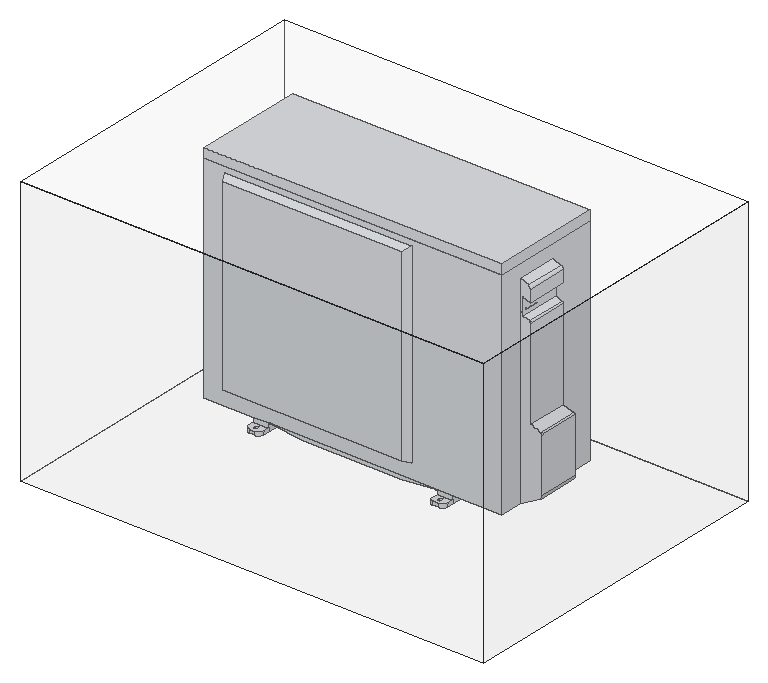
Revit family "puz-zrmp28_63ska15_60hz", category 機械設備, Revit 2019
Family settings
  丸型コネクタ寸法 = 直径を使用
  パーツ タイプ = 標準
  OmniClass 番号 = 23.75.10.24.21.27.27
  OmniClass タイトル = Split System Air Conditioning Units
  作業面ベース = いいえ
  常に垂直 = はい
  ロード時にボイドで切り取り = いいえ
  共有 = いいえ
  部屋計算ポイント = いいえ
Parameters (values of type "室外機_PUZ-ZRMP40KA15")
  音響パワーレベル_冷房 (dB) = 64
  音響パワーレベル_暖房 (dB) = 66
  音響パワーレベル(dB) = if([音響パワーレベル_冷房 (dB)] > [音響パワーレベル_暖房 (dB)], [音響パワーレベル_冷房 (dB)], [音響パワーレベル_暖房 (dB)])  # 66
  電源種別 = ""
  電源位置Y = 61 mm
  電源位置Z = 497.7 mm
  電源位置X = 400 mm
  電圧 = 200 V
  電動機出力_送風機 = 0.04 kW
  電動機出力_圧縮機 = 0.6 kW
  集中コントローラ [instance] = ""
  運転質量 = 0.00 kg
  運転方法 = "冷暖切替"
  質量 = if(製品質量 > 運転質量, 製品質量, 運転質量) * 1.2  # 49.20 kg
  負荷分類 = 1_熱源類
  説明 = "空冷H/P PAC インバータ室外機"
  設計暖房能力 [instance] = 0 kW
  設計冷房能力_顕熱 [instance] = 0 kW
  設計冷房能力 [instance] = 0 kW
  設置方法 = "床置形"
  記号 [instance] = ""
  製造元 = "三菱電機株式会社"
  製品質量 = 41.00 kg
  製品出荷対象 = "国内"
  製品リリース年月 = ""
  製品グループ = ""
  系統 [instance] = ""
  符号 = "PAC"
  積算_科目 = "1 空気調和設備"
  積算_拾い区分 [instance] = ""
  相 = 3
  盤記号 [instance] = ""
  発停方法 = "付属スイッチ"
  特殊仕様 [instance] = ""
  消費電力_暖房 = 0 kW
  消費電力_冷房 = 0 kW
  消費電力 = if(消費電力_冷房 > 消費電力_暖房, 消費電力_冷房, 消費電力_暖房)  # 0 kW
  法定耐用年数 = "6"
  構成品番 = "PUZ-ZRMP40KA15"
  極数 = 3
  材質 [instance] = ""
  本体マテリアル = none
  最小電線太さ_mm2 = 2
  最大電流値 = 0 A
  暖房能力 = 4 kW
  推奨ブレーカー容量 = 15 A
  据付ピッチ1 = 0 mm
  形式 = "パッケージ形 室外機"
  形名 = PUZ-EZRMP-1 : PUZ-EZRMP-1
  幹線記号 [instance] = ""
  始動方式 = "インバータ始動方式"
  呼称 = "パッケージ形空気調和機_室外機"
  周波数 = 60 Hz
  価格 = 0
  ドレン　位置Z = 8.5 mm
  ドレン　位置Y = 48.5 mm
  ドレン　位置X = 404.5 mm
  アンカーボルト位置Y = 330 mm
  アンカーボルト位置X = 500 mm
  参照している仕様書等のバージョン = "公共建築物標準仕様書（機械設備工事編）平成31年度版"
  分類コード = "5.0053E+13"
  分類グループ = ""
  冷房能力 = 3.6 kW
  冷媒管（ガス）位置X = 420 mm
  冷媒管（液）位置X = 420 mm
  冷媒管（液）位置Y = 153.75 mm
  冷媒管（ガス）位置Y = 153.75 mm
  冷媒管長 [instance] = 0 mm
  冷媒管径符号 = "Ac"
  冷媒管径 = 60.00 mm
  冷媒管位置Z = 158.95 mm
  冷媒管位置Y = (冷媒管（液）位置Y + 冷媒管（ガス）位置Y) / 2  # 153.75 mm
  冷媒管位置X = (冷媒管（液）位置X + 冷媒管（ガス）位置X) / 2  # 420 mm
  冷媒液管径 = 6.35 mm
  冷媒ガス管径 = 12.70 mm
  企業コード = "108420"
  付属品 [instance] = ""
  仕様書バージョン = "Version1.0"
  ユニット数 = 1
  ユニット3 = yes
  ユニット2 = yes
  Model = ""
  ドレン管径 = 42.00 mm
  サービススペース = yes
  コメント [instance] = ""
  ケーブル種類1 = ""
  【値が 0 の項目は組合せ形名にてご確認ください】 = ""
  Width = 809 mm
  Version = ""
  Uniclass2015Version = "Systems v1.9"
  Uniclass2015Title = "Split coil remote air cooled condensing units"
  Uniclass2015Code = "Pr_70_65_03_84"
  URL = "https://www.mitsubishielectric.co.jp/ldg/wink/ssl/top.do"
  SpecificationReference = ""
  SpecificationDescription = ""
  Revision = ""
  ProductInformation = ""
  OmniClassCode = "23-33 17 13 11"
  IfcTypeProduct = ""
  IfcProduct = ""
  IfcExportType = "AIRCONDITIONINGUNIT"
  IfcExportAs = "IfcUnitaryEquipmentType"
  Height = 630 mm
  Depth = 300 mm
  Clearance Top = 100 mm
  Clearance Right = 350 mm
  Clearance Left = 100 mm
  Clearance Front = 500 mm
  Clearance Bottom = 0 mm
  Clearance Back = 100 mm
  COP_暖房 = 0
  COP_冷房 = 0
  COP = (COP_冷房 + COP_暖房) / 2  # 0
  Author = "三菱電機株式会社"
  APF = 0
Reference planes
  plane 1 "中心(正面/背面)": y = 74
  plane 2: z = 0
  plane 3 "中心(左/右)": x = 830
  plane 4 "右": x = 1234.5
  plane 5 "左": x = 425.5
  plane 6 "背面": y = 224
  plane 7 "正面": y = -76
  plane 8 "上部": z = 630
  plane 9 "Clearanse Top": z = 730
  plane 10 "SS_back": y = 324
  plane 11 "SS_front": y = -576
  plane 12 "SS_left": x = 325.5
  plane 13 "SS_right": x = 1584.5
  plane 14: z = 0
  plane 15: y = -15
  plane 16: x = 1230
  plane 17: z = 497.7
  plane 18: y = -13
  plane 19: y = 70.25
  plane 20: x = 1250
  plane 21: y = 175.5
  plane 22: x = 830
  plane 23: z = 10.5
  plane 24: z = 8.5
  plane 25: x = 580
  plane 26: x = 1080
  plane 27: y = 239
  plane 28: y = -91
Forms (mm)
  Extrusion 1, solid, detail levels fine
    sketch origin (0, -76, 0) x (1, 0, 0) y (0, 0, 1)
      loop
        circle (1230, 497.7) r 13.5
    from -63 to -61
  Extrusion 2, solid, detail levels fine
    sketch origin (-1437.329, -1524, 54) x (-1, 0, 0) y (0, -1, 0)
      loop
        circle (-2267.329, -1699.5) r 21
    from -45.5 to -43.5
  Sweep 3, solid, material <- "本体マテリアル", detail levels fine
    path origin (1250, 1296.25, 1200) x (0, 1, 0) y (0, 0, 1)
      loop
        line (-1226, -1041.05) -> (-1272.623, -1084.565)
    profile origin (1250, 46.939, 137.193) x (0, 0.682318, -0.731055) y (1, 0, 0)
      loop
        circle (0, 0) r 30
Lines and regions (mm)
  model lines, not visible
    curve 1: line (460, 178.667, 1289.179) -> (460, 297.73, 1289.179)
    curve 2: line (460, 178.667, 1056.056) -> (460, 178.667, 1289.179)
    curve 3: line (460, 297.73, 1056.056) -> (460, 178.667, 1056.056)
    curve 4: line (460, 297.73, 1289.179) -> (460, 297.73, 1056.056)
    curve 5: line (460, 47.598, 1289.179) -> (460, 166.661, 1289.179)
    curve 6: line (460, 47.598, 1056.056) -> (460, 47.598, 1289.179)
    curve 7: line (460, 166.661, 1056.056) -> (460, 47.598, 1056.056)
    curve 8: line (460, 166.661, 1289.179) -> (460, 166.661, 1056.056)
    curve 9: line (460, -83.471, 1289.179) -> (460, 35.592, 1289.179)
    curve 10: line (460, -83.471, 1056.056) -> (460, -83.471, 1289.179)
    curve 11: line (460, 35.592, 1056.056) -> (460, -83.471, 1056.056)
    curve 12: line (460, 35.592, 1289.179) -> (460, 35.592, 1056.056)
    curve 13: line (460, -150.779, 1289.179) -> (460, -95.75, 1289.179)
    curve 14: line (460, -150.779, 1056.056) -> (460, -150.779, 1289.179)
    curve 15: line (460, -95.75, 1056.056) -> (460, -150.779, 1056.056)
    curve 16: line (460, -95.75, 1289.179) -> (460, -95.75, 1056.056)
    curve 17: line (460, -150.779, 1283.175) -> (460, -132.596, 1283.175)
    curve 18: line (460, -150.779, 1062.059) -> (460, -150.779, 1283.175)
    curve 19: line (460, -132.596, 1062.059) -> (460, -150.779, 1062.059)
    curve 20: line (460, -132.596, 1283.175) -> (460, -132.596, 1062.059)
    curve 21: line (460, 178.667, 1046.051) -> (460, 297.73, 1046.051)
    curve 22: line (460, 178.667, 812.928) -> (460, 178.667, 1046.051)
    curve 23: line (460, 297.73, 812.928) -> (460, 178.667, 812.928)
    curve 24: line (460, 297.73, 1046.051) -> (460, 297.73, 812.928)
    curve 25: line (460, 47.598, 1046.051) -> (460, 166.661, 1046.051)
    curve 26: line (460, 47.598, 812.928) -> (460, 47.598, 1046.051)
    curve 27: line (460, 166.661, 812.928) -> (460, 47.598, 812.928)
    curve 28: line (460, 166.661, 1046.051) -> (460, 166.661, 812.928)
    curve 29: line (460, -83.471, 1046.051) -> (460, 35.592, 1046.051)
    curve 30: line (460, -83.471, 812.928) -> (460, -83.471, 1046.051)
    curve 31: line (460, 35.592, 812.928) -> (460, -83.471, 812.928)
    curve 32: line (460, 35.592, 1046.051) -> (460, 35.592, 812.928)
    curve 33: line (460, -150.779, 1046.051) -> (460, -95.75, 1046.051)
    curve 34: line (460, -150.779, 812.928) -> (460, -150.779, 1046.051)
    curve 35: line (460, -95.75, 812.928) -> (460, -150.779, 812.928)
    curve 36: line (460, -95.75, 1046.051) -> (460, -95.75, 812.928)
    curve 37: line (460, -150.779, 1040.048) -> (460, -132.596, 1040.048)
    curve 38: line (460, -150.779, 818.931) -> (460, -150.779, 1040.048)
    curve 39: line (460, -132.596, 818.931) -> (460, -150.779, 818.931)
    curve 40: line (460, -132.596, 1040.048) -> (460, -132.596, 818.931)
    curve 41: line (460, 178.667, 802.923) -> (460, 297.73, 802.923)
    curve 42: line (460, 178.667, 569.8) -> (460, 178.667, 802.923)
    curve 43: line (460, 297.73, 569.8) -> (460, 178.667, 569.8)
    curve 44: line (460, 297.73, 802.923) -> (460, 297.73, 569.8)
    curve 45: line (460, 47.598, 802.923) -> (460, 166.661, 802.923)
    curve 46: line (460, 47.598, 569.8) -> (460, 47.598, 802.923)
    curve 47: line (460, 166.661, 569.8) -> (460, 47.598, 569.8)
    curve 48: line (460, 166.661, 802.923) -> (460, 166.661, 569.8)
    curve 49: line (460, -83.471, 802.923) -> (460, 35.592, 802.923)
    curve 50: line (460, -83.471, 569.8) -> (460, -83.471, 802.923)
    curve 51: line (460, 35.592, 569.8) -> (460, -83.471, 569.8)
    curve 52: line (460, 35.592, 802.923) -> (460, 35.592, 569.8)
    curve 53: line (460, -150.779, 802.923) -> (460, -95.75, 802.923)
    curve 54: line (460, -150.779, 569.8) -> (460, -150.779, 802.923)
    curve 55: line (460, -95.75, 569.8) -> (460, -150.779, 569.8)
    curve 56: line (460, -95.75, 802.923) -> (460, -95.75, 569.8)
    curve 57: line (460, -150.779, 796.92) -> (460, -132.596, 796.92)
    curve 58: line (460, -150.779, 575.803) -> (460, -150.779, 796.92)
    curve 59: line (460, -132.596, 575.803) -> (460, -150.779, 575.803)
    curve 60: line (460, -132.596, 796.92) -> (460, -132.596, 575.803)
    curve 61: line (460, 178.667, 559.795) -> (460, 297.73, 559.795)
    curve 62: line (460, 178.667, 326.672) -> (460, 178.667, 559.795)
    curve 63: line (460, 297.73, 326.672) -> (460, 178.667, 326.672)
    curve 64: line (460, 297.73, 559.795) -> (460, 297.73, 326.672)
    curve 65: line (460, 47.598, 559.795) -> (460, 166.661, 559.795)
    curve 66: line (460, 47.598, 326.672) -> (460, 47.598, 559.795)
    curve 67: line (460, 166.661, 326.672) -> (460, 47.598, 326.672)
    curve 68: line (460, 166.661, 559.795) -> (460, 166.661, 326.672)
    curve 69: line (460, -83.471, 559.795) -> (460, 35.592, 559.795)
    curve 70: line (460, -83.471, 326.672) -> (460, -83.471, 559.795)
    curve 71: line (460, 35.592, 326.672) -> (460, -83.471, 326.672)
    curve 72: line (460, 35.592, 559.795) -> (460, 35.592, 326.672)
    curve 73: line (460, -150.779, 559.795) -> (460, -95.75, 559.795)
    curve 74: line (460, -150.779, 326.672) -> (460, -150.779, 559.795)
    curve 75: line (460, -95.75, 326.672) -> (460, -150.779, 326.672)
    curve 76: line (460, -95.75, 559.795) -> (460, -95.75, 326.672)
    curve 77: line (460, -150.779, 553.792) -> (460, -132.596, 553.792)
    curve 78: line (460, -150.779, 332.675) -> (460, -150.779, 553.792)
    curve 79: line (460, -132.596, 332.675) -> (460, -150.779, 332.675)
    curve 80: line (460, -132.596, 553.792) -> (460, -132.596, 332.675)
    curve 81: line (460, 178.667, 316.667) -> (460, 297.73, 316.667)
    curve 82: line (460, 178.667, 83.544) -> (460, 178.667, 316.667)
    curve 83: line (460, 297.73, 83.544) -> (460, 178.667, 83.544)
    curve 84: line (460, 297.73, 316.667) -> (460, 297.73, 83.544)
    curve 85: line (460, 47.598, 316.667) -> (460, 166.661, 316.667)
    curve 86: line (460, 47.598, 83.544) -> (460, 47.598, 316.667)
    curve 87: line (460, 166.661, 83.544) -> (460, 47.598, 83.544)
    curve 88: line (460, 166.661, 316.667) -> (460, 166.661, 83.544)
    curve 89: line (460, -83.471, 316.667) -> (460, 35.592, 316.667)
    curve 90: line (460, -83.471, 83.544) -> (460, -83.471, 316.667)
    curve 91: line (460, 35.592, 83.544) -> (460, -83.471, 83.544)
    curve 92: line (460, 35.592, 316.667) -> (460, 35.592, 83.544)
    curve 93: line (460, -150.779, 316.667) -> (460, -95.75, 316.667)
    curve 94: line (460, -150.779, 83.544) -> (460, -150.779, 316.667)
    curve 95: line (460, -95.75, 83.544) -> (460, -150.779, 83.544)
    curve 96: line (460, -95.75, 316.667) -> (460, -95.75, 83.544)
    curve 97: line (460, -150.779, 310.664) -> (460, -132.596, 310.664)
    curve 98: line (460, -150.779, 89.547) -> (460, -150.779, 310.664)
    curve 99: line (460, -132.596, 89.547) -> (460, -150.779, 89.547)
    curve 100: line (460, -132.596, 310.664) -> (460, -132.596, 89.547)
Dimensions and locks
  equal spacing: plane 7 "正面", plane 1 "中心(正面/背面)", plane 6 "背面"
  "Depth": plane 7 "正面" to plane 6 "背面"
  "Width": plane 5 "左" to plane 4 "右"
  equal spacing: plane 5 "左", plane 3 "中心(左/右)", plane 4 "右"
  "Clearance Left": plane 12 "SS_left" to plane 5 "左"
  "Clearance Right": plane 4 "右" to plane 13 "SS_right"
  "Clearance Back": plane 6 "背面" to plane 10 "SS_back"
  "Clearance Front": plane 11 "SS_front" to plane 7 "正面"
  "Height": plane 8 "上部" to level
  "Clearance Top": plane 9 "Clearanse Top" to plane 8 "上部"
  "Clearance Bottom": level to plane 14
  "電源位置X": plane 3 "中心(左/右)" to plane 16
  "電源位置Y": plane 7 "正面" to plane 15
  "電源位置Z": plane 17 to level
  locked: plane 15 to plane 18 at 2
  "冷媒管位置X": plane 3 "中心(左/右)" to plane 20
  "冷媒管位置Y": plane 19 to plane 6 "背面"
  "ドレン　位置X": plane 5 "左" to plane 22
  "ドレン　位置Y": plane 21 to plane 6 "背面"
  locked: plane 23 to plane 24 at 2
  "ドレン　位置Z": plane 24 to level
  equal spacing: plane 28, plane 1 "中心(正面/背面)", plane 27
  "アンカーボルト位置Y": plane 28 to plane 27
  equal spacing: plane 25, plane 3 "中心(左/右)", plane 26
  "アンカーボルト位置X": plane 25 to plane 26
  radius of Extrusion 1 sketch curve = 13.5 mm
  "ドレン管径": diameter of Extrusion 2 sketch curve
  "冷媒管径": diameter of Sweep 3 sketch curve
  aligned and locked: level to plane 2
  aligned and locked: plane 10 "SS_back" to nested 1  (x2)
  aligned and locked: plane 13 "SS_right" to nested 1
  aligned and locked: plane 12 "SS_left" to nested 1  (x2)
  aligned and locked: nested 1 to plane 13 "SS_right"
  aligned and locked: plane 11 "SS_front" to nested 1
  aligned and locked: plane 9 "Clearanse Top" to nested 1
  aligned and locked: plane 1 "中心(正面/背面)" to nested 2
  aligned and locked: plane 3 "中心(左/右)" to nested 2
  aligned and locked: plane 14 to nested 1
  aligned and locked: plane 17 to Extrusion 1 sketch curve
  aligned and locked: plane 16 to Extrusion 1 sketch curve
  aligned and locked: Extrusion 1 to plane 18
  aligned and locked: plane 15 to Extrusion 1
  aligned and locked: plane 22 to Extrusion 2 sketch curve
  aligned and locked: plane 21 to Extrusion 2 sketch curve
  aligned and locked: plane 23 to Extrusion 2
  aligned and locked: Extrusion 2 to plane 24
  aligned and locked: plane 25 to nested 3
  aligned and locked: plane 27 to nested 3
Automatic sketch dimensions
  Sweep 3 sketch curve to plane 18 = 36.627 mm
  plane 1 "中心(正面/背面)" to Sweep 3 sketch curve = 3.75 mm
  plane 23 to Sweep 3 sketch curve = 104.935 mm
  Sweep 3 sketch curve to Sweep 3 sketch curve = 43.515 mm
  Sweep 3 sketch curve to plane 20 = 0 mm
  Sweep 3 sketch curve to profile plane = 0 mm
Nested families
  nested 1: "サービススペース" at (955, -126, 365), visible <- "サービススペース", type "サービススペース"
    with Width 1259 mm, Height 730 mm, Depth 900 mm
  nested 2: "PUZ-EZRMP-1" at (830, 74, 0), type <- "形名", type "PUZ-EZRMP-1", detail levels fine
  nested 3: "固定点" at (580, -91, 0), type "固定点"
    with 中心円 10 mm, W 500 mm, D 330 mm
Connectors
  electrical at (1230, -15, 497.7), driven by "極数", driven by "負荷分類", driven by "電圧", driven by "消費電力"
    settings: on Extrusion 1, index 2, voltage 200 V, apparent load 0 VA, apparent load phase1 0 VA, apparent load phase2 0 VA, apparent load phase3 0 VA, power factor 1, load classification "1_熱源類", number of poles 3, system type 30, power factor state 1, is connector primary yes, connector utility no, sub classification motor no, connector description ""
  piping at (1250, 70.25, 158.95), diameter 60, driven by "冷媒管径", driven by "冷媒管径符号"
    settings: on Sweep 3, index 3, connector inside diameter 609.60 mm, connector length 0 mm, flow factor 0, pipe flow 0.0 L/s, pressure drop 0.0 Pa, fitting loss kfactor 0, connector angle 0.00°, fixture units 0, engagement length 0 mm, angle of deflection 0.00°, flow configuration 1, flow direction 2, fitting loss method 4, system type 7, joint type 0, gender type 0, connector reference index -1, connector utility 0, adjustable connector no, is connector primary yes, connector description "Ac"
Definition of nested family "サービススペース"
  Parameters (values of type "サービススペース")
    Width [instance] = 500 mm
    Height [instance] = 500 mm
    Depth [instance] = 500 mm
  Reference planes
    plane 1 "中心(正面/背面)": y = 0
    plane 2: z = 0
    plane 3 "中心(左/右)": x = 0
    plane 4: y = -250
    plane 5: x = 250
    plane 6: y = 250
    plane 7: x = -250
    plane 8: z = 250
    plane 9: z = -250
  Forms (mm)
    Extrusion 1, solid
      sketch origin (-638.939, 0, 72.39) x (1, 0, 0) y (0, 1, 0)
        loop
          line (388.939, 250) -> (388.939, -250) -> (888.939, -250) -> (888.939, 250) -> (388.939, 250)
      from -322.39 to 177.61
  Lines and regions (mm)
    symbolic lines
      curve 1: line (-250, 0, 250) -> (250, 0, 250)
      curve 2: line (-250, 0, -250) -> (-250, 0, 250)
      curve 3: line (250, 0, -250) -> (-250, 0, -250)
      curve 4: line (250, 0, 250) -> (250, 0, -250)
      curve 5: line (0, -250, 250) -> (0, 250, 250)
      curve 6: line (0, -250, -250) -> (0, -250, 250)
      curve 7: line (0, 250, -250) -> (0, -250, -250)
      curve 8: line (0, 250, 250) -> (0, 250, -250)
      curve 9: line (-250, 250, 0) -> (250, 250, 0)
      curve 10: line (-250, -250, 0) -> (-250, 250, 0)
      curve 11: line (250, -250, 0) -> (-250, -250, 0)
      curve 12: line (250, 250, 0) -> (250, -250, 0)
  Dimensions and locks
    equal spacing: plane 7, plane 3 "中心(左/右)", plane 5
    equal spacing: plane 4, plane 1 "中心(正面/背面)", plane 6
    "Depth": plane 4 to plane 6
    "Width": plane 7 to plane 5
    equal spacing: plane 8, plane 2, plane 9
    "Height": plane 8 to plane 9
    aligned and locked: plane 9 to curve 3
    aligned and locked: plane 7 to curve 2
    aligned and locked: curve 4 to plane 5
    aligned and locked: plane 5 to Extrusion 1
    aligned and locked: Extrusion 1 to plane 7
    aligned and locked: Extrusion 1 to plane 9
    aligned and locked: plane 8 to Extrusion 1
    aligned and locked: plane 9 to curve 7
  Automatic sketch dimensions
    plane 4 to Extrusion 1 sketch curve = 0 mm
    Extrusion 1 sketch curve to plane 7 = 0 mm
    Extrusion 1 sketch curve to plane 5 = 0 mm
    plane 6 to Extrusion 1 sketch curve = 0 mm
    curve 2 to plane 8 = 0 mm
    plane 4 to curve 11 = 0 mm
    curve 11 to plane 7 = 0 mm
    curve 11 to plane 5 = 0 mm
    plane 6 to curve 10 = 0 mm
    curve 7 to plane 4 = 0 mm
    curve 7 to plane 6 = 0 mm
    curve 6 to plane 8 = 0 mm
Definition of nested family "PUZ-EZRMP-1"
  Parameters (values of type "PUZ-ZRMP-1")
    配線取出口サイズ = 27 mm
    配線取出口-Z = 497.7 mm
    配線取出口-Y = 239 mm
    配線取出口-X = 400 mm
    液配管サイズ = 50 mm
    高さ = 630 mm
    換気-W = 310 mm
    換気-H2 = 632 mm
    換気-H1 = 325 mm
    換気-D = 20 mm
    奥行き = 300 mm
    吊りボルト_H = 0 mm
    吊りボルト-φ = 10 mm
    冷媒配管サイズ = 6.35 mm
    冷媒液管径-Z = 164.5 mm
    冷媒液管径-Y = 185.5 mm
    冷媒液管径-X = 420 mm
    冷媒ガス管径-Z = 99.5 mm
    冷媒ガス管径-Y = 185.5 mm
    冷媒ガス管径-X = 420 mm
    吊りボルト-W = 500 mm
    マテリアル = none
    ドレン配管サイズ = 42 mm
    ドレン管径-Z = 0 mm
    ドレン管径-Y = 251.5 mm
    ドレン管径-X = 404.5 mm
    タイプ3 = no
    タイプ2 = no
    タイプ1 = yes
    ガス配管サイズ = 12.7 mm
    吊りボルト-D = 330 mm
    幅さ = 809 mm
    a = 600 mm
  Reference planes
    plane 1 "中心(正面/背面)": y = 0
    plane 2: z = 0
    plane 3 "中心(左/右)": x = 0
    plane 4: z = 630
    plane 5: x = -404.5
    plane 6: x = 404.5
    plane 7: y = 150
    plane 8: y = -150
    plane 9: x = 466.5
    plane 10: y = -90
    plane 11: y = 20
    plane 12: z = 605
    plane 13: x = -424.5
    plane 14: x = -250
    plane 15: x = 250
    plane 16: y = 165
    plane 17: y = -165
    plane 18: x = 270
    plane 19: x = 230
    plane 20: x = -230
    plane 21: x = -270
    plane 22: y = 180
    plane 23: y = -180
    plane 24: z = 8.5
    plane 25: z = 20
    plane 26: z = 11.5
    plane 27: x = -135
    plane 28: x = 135
    plane 29: z = 625
    plane 30: y = -40
    plane 31: y = 40
    plane 32: y = -30
    plane 33: y = 30
    plane 34: z = 610
    plane 35: z = 55
    plane 36: z = 225
    plane 37: z = 570
    plane 38: x = 414.5
    plane 39: x = 435.5
    plane 40: y = -170
    plane 41: x = -94.5
    plane 42: z = 325
    plane 43: x = 159.5
    plane 44: x = -348.5
    plane 45: z = 589
    plane 46: z = 61
    plane 47: x = -338.5
    plane 48: x = 149.5
    plane 49: z = 579
    plane 50: z = 71
    plane 51: y = 100
    plane 52: y = -100
    plane 53: x = 0
    plane 54: y = 101.5
    plane 55: x = 420
    plane 56: x = 400
    plane 57: y = -89
    plane 58: y = -35.5
    plane 59: y = -35.5
    plane 60: x = 420
    plane 61: z = 99.5
    plane 62: z = 164.5
    plane 63: z = 497.7
    plane 64: y = -39
    plane 65: z = 137.3
    plane 66: z = 180.6
    plane 67: x = 420
    plane 68: y = -35.5
    plane 69 "グループ": x = -600
    plane 70: z = 1338
    plane 71: z = 943
    plane 72: z = 957
    plane 73: z = 1221
    plane 74: z = 693
    plane 75: z = 1211
    plane 76: z = 703
    plane 77: y = -12.5
    plane 78: y = 5
    plane 79: y = -3.75
  Forms (mm)
    Extrusion 1, solid, visible <- "タイプ1", detail levels fine
      sketch origin (-1437.329, -1524, 630) x (-1, 0, 0) y (0, -1, 0)
        loop
          line (-1167.329, -1674) -> (-1167.329, -1374) -> (-1207.329, -1374) -> (-1207.329, -1674) -> (-1167.329, -1674)
        loop
          line (-1667.329, -1674) -> (-1667.329, -1374) -> (-1707.329, -1374) -> (-1707.329, -1674) -> (-1667.329, -1674)
      from -630 to -610
    Extrusion 2, solid, material <- "マテリアル", visible <- "タイプ1", detail levels fine
      sketch origin (0, 0, 0) x (1, 0, 0) y (0, 0, 1)
        loop
          line (-230, 20) -> (-135, 11.5) -> (135, 11.5) -> (230, 20) -> (-230, 20)
      from -150 to 150
    Extrusion 3, solid, material <- "マテリアル", visible <- "タイプ1", detail levels fine
      sketch origin (-1437.329, -1524, 630) x (-1, 0, 0) y (0, -1, 0)
        loop
          circle (-1437.329, -1625.5) r 21
      from -621.5 to -618.5
    Extrusion 4, solid, material <- "マテリアル", visible <- "タイプ1", detail levels fine
      sketch origin (-1437.329, -1524, 630) x (-1, 0, 0) y (0, -1, 0)
        loop
          line (-1841.829, -1674) -> (-1032.829, -1674) -> (-1032.829, -1374) -> (-1841.829, -1374) -> (-1841.829, -1674)
      from -610 to -25
    Extrusion 5, solid, material <- "マテリアル", visible <- "タイプ1", detail levels fine
      sketch origin (-1437.329, -1524, 630) x (-1, 0, 0) y (0, -1, 0)
        loop
          line (-1032.829, -1674) -> (-1032.829, -1374) -> (-1841.829, -1374) -> (-1841.829, -1674) -> (-1032.829, -1674)
      from -25 to 0
    Blend 6, solid, material <- "マテリアル", visible <- "タイプ1", detail levels fine
      base sketch origin (0, 0, 0) x (0, 1, 0) y (0, 0, 1)
        loop
          line (40, 625) -> (-40, 625) -> (-40, 605) -> (40, 605) -> (40, 625)
      top sketch origin (0, 0, 0) x (0, 1, 0) y (0, 0, 1)
        loop
          line (30, 610) -> (-30, 610) -> (-30, 605) -> (30, 605) -> (30, 610)
      from -404.5 to -424.5
    Extrusion 7, solid, material <- "マテリアル", visible <- "タイプ1", detail levels fine
      sketch origin (0, 0, 0) x (1, 0, 0) y (0, 0, 1)
        loop
          line (404.5, 570) -> (404.5, 20) -> (461.416, 52.13)
          arc (461.416, 52.13) -> (465.136, 55.796) -> (466.5, 60.838) r 10
          line (466.5, 60.838) -> (466.5, 210.216)
          arc (466.5, 210.216) -> (465.596, 213.084) -> (463.21, 214.914) r 5
          line (463.21, 214.914) -> (435.5, 225) -> (435.5, 470.082)
          arc (435.5, 470.082) -> (434.596, 472.95) -> (432.21, 474.78) r 5
          line (432.21, 474.78) -> (414.5, 481.226) -> (414.5, 529.114) -> (435.5, 521.471) -> (435.5, 551.715)
          arc (435.5, 551.715) -> (433.692, 557.451) -> (428.92, 561.112) r 10
          line (428.92, 561.112) -> (404.5, 570)
      from -20 to 90
    Blend 8, solid, material <- "マテリアル", visible <- "タイプ1", detail levels fine
      base sketch origin (0, 0, 0) x (1, 0, 0) y (0, 0, 1)
        loop
          line (-348.5, 589) -> (-348.5, 61) -> (159.5, 61) -> (159.5, 589) -> (-348.5, 589)
      top sketch origin (0, 0, 0) x (1, 0, 0) y (0, 0, 1)
        loop
          line (-338.5, 579) -> (-338.5, 71) -> (149.5, 71) -> (149.5, 579) -> (-338.5, 579)
      from 150 to 170
    Extrusion 9, solid, material <- "マテリアル", visible <- "タイプ1", detail levels fine
      sketch origin (1480.036, -170, 1200) x (1, 0, 0) y (0, 0, 1)
        loop
          circle (-1080.036, -702.3) r 13.5
      from -131 to -81
    Extrusion 10, solid, visible <- "タイプ1", detail levels fine
      sketch origin (-1437.329, -1524, 630) x (-1, 0, 0) y (0, -1, 0)
        loop
          line (-1167.329, -1704) -> (-1167.329, -1674) -> (-1207.329, -1674) -> (-1207.329, -1704) -> (-1192.329, -1704) -> (-1192.329, -1689)
          arc (-1192.329, -1689) -> (-1187.329, -1684) -> (-1182.329, -1689) r 5
          line (-1182.329, -1689) -> (-1182.329, -1704) -> (-1167.329, -1704)
        loop
          line (-1667.329, -1704) -> (-1667.329, -1674) -> (-1707.329, -1674) -> (-1707.329, -1704) -> (-1692.329, -1704) -> (-1692.329, -1689)
          arc (-1692.329, -1689) -> (-1687.329, -1684) -> (-1682.329, -1689) r 5
          line (-1682.329, -1689) -> (-1682.329, -1704) -> (-1667.329, -1704)
        loop
          line (-1667.329, -1374) -> (-1667.329, -1354)
          arc (-1667.329, -1354) -> (-1670.258, -1346.929) -> (-1677.329, -1344) r 10
          line (-1677.329, -1344) -> (-1694.129, -1344)
          arc (-1694.129, -1344) -> (-1703.463, -1347.866) -> (-1707.329, -1357.2) r 13.2
          line (-1707.329, -1357.2) -> (-1707.329, -1374) -> (-1667.329, -1374)
        loop
          line (-1167.329, -1374) -> (-1167.329, -1357.2)
          arc (-1167.329, -1357.2) -> (-1171.196, -1347.866) -> (-1180.529, -1344) r 13.2
          line (-1180.529, -1344) -> (-1194.129, -1344)
          arc (-1194.129, -1344) -> (-1203.463, -1347.866) -> (-1207.329, -1357.2) r 13.2
          line (-1207.329, -1357.2) -> (-1207.329, -1374) -> (-1167.329, -1374)
        loop
          arc (-1192.329, -1359) -> (-1187.329, -1364) -> (-1182.329, -1359) r 5
          line (-1182.329, -1359) -> (-1182.329, -1357.2)
          arc (-1182.329, -1357.2) -> (-1187.329, -1352.2) -> (-1192.329, -1357.2) r 5
          line (-1192.329, -1357.2) -> (-1192.329, -1359)
        loop
          arc (-1692.329, -1359) -> (-1687.329, -1364) -> (-1682.329, -1359) r 5
          line (-1682.329, -1359) -> (-1682.329, -1357.2)
          arc (-1682.329, -1357.2) -> (-1687.329, -1352.2) -> (-1692.329, -1357.2) r 5
          line (-1692.329, -1357.2) -> (-1692.329, -1359)
      from -621.5 to -630
    Sweep 11, solid, material <- "マテリアル", visible <- "タイプ1", detail levels fine
      path origin (420, 1296.25, 1200) x (0, 1, 0) y (0, 0, 1)
        loop
          line (-1331.75, -1035.5) -> (-1308.75, -1019.4)
      profile origin (420, -24, 172.55) x (0, -0.573462, 0.819232) y (1, 0, 0)
        loop
          circle (0, 0) r 3.175
    Sweep 12, solid, material <- "マテリアル", visible <- "タイプ1", detail levels fine
      path origin (420, 1296.25, 1200) x (0, 1, 0) y (0, 0, 1)
        loop
          line (-1331.75, -1100.5) -> (-1291.25, -1062.7)
      profile origin (420, -15.25, 118.4) x (0, -0.682318, 0.731055) y (1, 0, 0)
        loop
          circle (0, 0) r 6.35
  Lines and regions (mm)
    Masking region 1, visible <- "タイプ1", detail levels coarse+medium
      outline origin (-1437.329, -1524, 630) x (-1, 0, 0) y (0, -1, 0)
        loop
          line (-1841.829, -1674) -> (-1707.329, -1674) -> (-1707.329, -1704) -> (-1667.329, -1704) -> (-1667.329, -1674) -> (-1207.329, -1674) -> (-1207.329, -1704) -> (-1167.329, -1704) -> (-1167.329, -1674) -> (-1032.829, -1674) -> (-1032.829, -1564) -> (-1012.829, -1554) -> (-1012.829, -1494) -> (-1032.829, -1484) -> (-1032.829, -1374) -> (-1088.829, -1374) -> (-1098.829, -1354) -> (-1164.523, -1354)
          arc (-1164.523, -1354) -> (-1169.205, -1346.796) -> (-1177.329, -1344) r 13.2
          line (-1177.329, -1344) -> (-1193.997, -1344)
          arc (-1193.997, -1344) -> (-1202.121, -1346.796) -> (-1206.804, -1354) r 13.2
          line (-1206.804, -1354) -> (-1586.829, -1354) -> (-1596.829, -1374) -> (-1667.329, -1374) -> (-1667.329, -1354)
          arc (-1667.329, -1354) -> (-1670.258, -1346.929) -> (-1677.329, -1344) r 10
          line (-1677.329, -1344) -> (-1694.129, -1344)
          arc (-1694.129, -1344) -> (-1703.463, -1347.866) -> (-1707.329, -1357.2) r 13.2
          line (-1707.329, -1357.2) -> (-1707.329, -1374) -> (-1841.829, -1374) -> (-1841.829, -1434) -> (-1903.829, -1434) -> (-1903.829, -1544) -> (-1841.829, -1544) -> (-1841.829, -1674)
    model lines, visible <- "タイプ1", detail levels fine
      curve 1: line (324.5, 100, 630) -> (-324.5, 100, 630)
      curve 2: line (-324.5, -100, 630) -> (324.5, -100, 630)
      curve 3: line (-324.5, -40, 630) -> (324.5, -40, 630)
      curve 4: line (324.5, 40, 630) -> (-324.5, 40, 630)
      curve 5: line (-324.5, -30, 630) -> (324.5, -30, 630)
      curve 6: line (324.5, 30, 630) -> (-324.5, 30, 630)
      curve 7: line (-324.5, 100, 630) -> (-324.5, 40, 630)
      curve 8: line (324.5, -100, 630) -> (324.5, -40, 630)
      curve 9: line (-324.5, 30, 630) -> (-324.5, -30, 630)
      curve 10: line (-324.5, -40, 630) -> (-324.5, -100, 630)
      curve 11: line (324.5, -30, 630) -> (324.5, 30, 630)
      curve 12: line (324.5, 40, 630) -> (324.5, 100, 630)
      curve 13: line (354.5, -100, 630) -> (354.5, 100, 630)
      curve 14: line (339.5, -100, 630) -> (339.5, 100, 630)
      curve 15: line (-354.5, 100, 630) -> (-354.5, -100, 630)
      curve 16: line (-339.5, 100, 630) -> (-339.5, -100, 630)
      curve 17: line (-339.5, 100, 630) -> (-354.5, 100, 630)
      curve 18: line (-339.5, -100, 630) -> (-354.5, -100, 630)
      curve 19: line (339.5, 100, 630) -> (354.5, 100, 630)
      curve 20: line (339.5, -100, 630) -> (354.5, -100, 630)
      curve 21: line (-338.5, -170, 372.5) -> (149.5, -170, 372.5)
      curve 22: line (149.5, -170, 277.5) -> (-338.5, -170, 277.5)
      curve 23: line (-338.5, -170, 467.5) -> (149.5, -170, 467.5)
      curve 24: line (-338.5, -170, 562.5) -> (149.5, -170, 562.5)
      curve 25: line (149.5, -170, 182.5) -> (-338.5, -170, 182.5)
      curve 26: line (149.5, -170, 87.5) -> (-338.5, -170, 87.5)
      curve 27: line (-321.071, -170, 579) -> (-321.071, -170, 71)
      curve 28: line (132.071, -170, 71) -> (132.071, -170, 579)
      curve 29: line (-303.643, -170, 579) -> (-303.643, -170, 71)
      curve 30: line (-286.214, -170, 579) -> (-286.214, -170, 71)
      curve 31: line (-268.786, -170, 579) -> (-268.786, -170, 71)
      curve 32: line (-251.357, -170, 579) -> (-251.357, -170, 71)
      curve 33: line (-233.929, -170, 579) -> (-233.929, -170, 71)
      curve 34: line (-216.5, -170, 579) -> (-216.5, -170, 71)
      curve 35: line (-199.071, -170, 579) -> (-199.071, -170, 71)
      curve 36: line (-181.643, -170, 579) -> (-181.643, -170, 71)
      curve 37: line (-164.214, -170, 579) -> (-164.214, -170, 71)
      curve 38: line (-146.786, -170, 579) -> (-146.786, -170, 71)
      curve 39: line (-129.357, -170, 579) -> (-129.357, -170, 71)
      curve 40: line (-111.929, -170, 579) -> (-111.929, -170, 71)
      curve 41: line (-94.5, -170, 579) -> (-94.5, -170, 71)
      curve 42: line (-77.071, -170, 579) -> (-77.071, -170, 71)
      curve 43: line (-59.643, -170, 579) -> (-59.643, -170, 71)
      curve 44: line (-42.214, -170, 579) -> (-42.214, -170, 71)
      curve 45: line (-24.786, -170, 579) -> (-24.786, -170, 71)
      curve 46: line (-7.357, -170, 579) -> (-7.357, -170, 71)
      curve 47: line (10.071, -170, 579) -> (10.071, -170, 71)
      curve 48: line (27.5, -170, 579) -> (27.5, -170, 71)
      curve 49: line (44.929, -170, 579) -> (44.929, -170, 71)
      curve 50: line (62.357, -170, 579) -> (62.357, -170, 71)
      curve 51: line (79.786, -170, 579) -> (79.786, -170, 71)
      curve 52: line (97.214, -170, 579) -> (97.214, -170, 71)
      curve 53: line (114.643, -170, 579) -> (114.643, -170, 71)
      curve 54: line (-404.5, -10, 574) -> (-404.5, -10, 584)
      curve 55: line (-404.5, -100, 584) -> (-404.5, -100, 574)
      curve 56: line (-404.5, 100, 584) -> (-404.5, 100, 574)
      curve 57: line (-404.5, 10, 584) -> (-404.5, 10, 574)
      curve 58: line (-404.5, 95, 589) -> (-404.5, 15, 589)
      curve 59: line (-404.5, -15, 589) -> (-404.5, -95, 589)
      curve 60: line (-404.5, -15, 569) -> (-404.5, -95, 569)
      curve 61: line (-404.5, 95, 569) -> (-404.5, 15, 569)
      curve 62: arc (-404.5, 100, 584) -> (-404.5, 98.536, 587.536) -> (-404.5, 95, 589) r 5
      curve 63: arc (-404.5, 95, 569) -> (-404.5, 98.536, 570.464) -> (-404.5, 100, 574) r 5
      curve 64: arc (-404.5, 10, 584) -> (-404.5, 11.464, 587.536) -> (-404.5, 15, 589) r 5
      curve 65: arc (-404.5, 10, 574) -> (-404.5, 11.464, 570.464) -> (-404.5, 15, 569) r 5
      curve 66: arc (-404.5, -10, 584) -> (-404.5, -11.464, 587.536) -> (-404.5, -15, 589) r 5
      curve 67: arc (-404.5, -15, 569) -> (-404.5, -11.464, 570.464) -> (-404.5, -10, 574) r 5
      curve 68: arc (-404.5, -95, 589) -> (-404.5, -98.536, 587.536) -> (-404.5, -100, 584) r 5
      curve 69: arc (-404.5, -100, 574) -> (-404.5, -98.536, 570.464) -> (-404.5, -95, 569) r 5
      curve 70: line (-404.5, -10, 544) -> (-404.5, -10, 554)
      curve 71: line (-404.5, -100, 554) -> (-404.5, -100, 544)
      curve 72: line (-404.5, 100, 554) -> (-404.5, 100, 544)
      curve 73: line (-404.5, 10, 554) -> (-404.5, 10, 544)
      curve 74: line (-404.5, 95, 559) -> (-404.5, 15, 559)
      curve 75: line (-404.5, -15, 559) -> (-404.5, -95, 559)
      curve 76: line (-404.5, -15, 539) -> (-404.5, -95, 539)
      curve 77: line (-404.5, 95, 539) -> (-404.5, 15, 539)
      curve 78: arc (-404.5, 100, 554) -> (-404.5, 98.536, 557.536) -> (-404.5, 95, 559) r 5
      curve 79: arc (-404.5, 95, 539) -> (-404.5, 98.536, 540.464) -> (-404.5, 100, 544) r 5
      curve 80: arc (-404.5, 10, 554) -> (-404.5, 11.464, 557.536) -> (-404.5, 15, 559) r 5
      curve 81: arc (-404.5, 10, 544) -> (-404.5, 11.464, 540.464) -> (-404.5, 15, 539) r 5
      curve 82: arc (-404.5, -10, 554) -> (-404.5, -11.464, 557.536) -> (-404.5, -15, 559) r 5
      curve 83: arc (-404.5, -15, 539) -> (-404.5, -11.464, 540.464) -> (-404.5, -10, 544) r 5
      curve 84: arc (-404.5, -95, 559) -> (-404.5, -98.536, 557.536) -> (-404.5, -100, 554) r 5
      curve 85: arc (-404.5, -100, 544) -> (-404.5, -98.536, 540.464) -> (-404.5, -95, 539) r 5
      curve 86: line (-404.5, -10, 514) -> (-404.5, -10, 524)
      curve 87: line (-404.5, -100, 524) -> (-404.5, -100, 514)
      curve 88: line (-404.5, 100, 524) -> (-404.5, 100, 514)
      curve 89: line (-404.5, 10, 524) -> (-404.5, 10, 514)
      curve 90: line (-404.5, 95, 529) -> (-404.5, 15, 529)
      curve 91: line (-404.5, -15, 529) -> (-404.5, -95, 529)
      curve 92: line (-404.5, -15, 509) -> (-404.5, -95, 509)
      curve 93: line (-404.5, 95, 509) -> (-404.5, 15, 509)
      curve 94: arc (-404.5, 100, 524) -> (-404.5, 98.536, 527.536) -> (-404.5, 95, 529) r 5
      curve 95: arc (-404.5, 95, 509) -> (-404.5, 98.536, 510.464) -> (-404.5, 100, 514) r 5
      curve 96: arc (-404.5, 10, 524) -> (-404.5, 11.464, 527.536) -> (-404.5, 15, 529) r 5
      curve 97: arc (-404.5, 10, 514) -> (-404.5, 11.464, 510.464) -> (-404.5, 15, 509) r 5
      curve 98: arc (-404.5, -10, 524) -> (-404.5, -11.464, 527.536) -> (-404.5, -15, 529) r 5
      curve 99: arc (-404.5, -15, 509) -> (-404.5, -11.464, 510.464) -> (-404.5, -10, 514) r 5
      curve 100: arc (-404.5, -95, 529) -> (-404.5, -98.536, 527.536) -> (-404.5, -100, 524) r 5
      curve 101: arc (-404.5, -100, 514) -> (-404.5, -98.536, 510.464) -> (-404.5, -95, 509) r 5
      curve 102: line (-404.5, -10, 484) -> (-404.5, -10, 494)
      curve 103: line (-404.5, -100, 494) -> (-404.5, -100, 484)
      curve 104: line (-404.5, 100, 494) -> (-404.5, 100, 484)
      curve 105: line (-404.5, 10, 494) -> (-404.5, 10, 484)
      curve 106: line (-404.5, 95, 499) -> (-404.5, 15, 499)
      curve 107: line (-404.5, -15, 499) -> (-404.5, -95, 499)
      curve 108: line (-404.5, -15, 479) -> (-404.5, -95, 479)
      curve 109: line (-404.5, 95, 479) -> (-404.5, 15, 479)
      curve 110: arc (-404.5, 100, 494) -> (-404.5, 98.536, 497.536) -> (-404.5, 95, 499) r 5
      curve 111: arc (-404.5, 95, 479) -> (-404.5, 98.536, 480.464) -> (-404.5, 100, 484) r 5
      curve 112: arc (-404.5, 10, 494) -> (-404.5, 11.464, 497.536) -> (-404.5, 15, 499) r 5
      curve 113: arc (-404.5, 10, 484) -> (-404.5, 11.464, 480.464) -> (-404.5, 15, 479) r 5
      curve 114: arc (-404.5, -10, 494) -> (-404.5, -11.464, 497.536) -> (-404.5, -15, 499) r 5
      curve 115: arc (-404.5, -15, 479) -> (-404.5, -11.464, 480.464) -> (-404.5, -10, 484) r 5
      curve 116: arc (-404.5, -95, 499) -> (-404.5, -98.536, 497.536) -> (-404.5, -100, 494) r 5
      curve 117: arc (-404.5, -100, 484) -> (-404.5, -98.536, 480.464) -> (-404.5, -95, 479) r 5
      curve 118: line (-404.5, -10, 454) -> (-404.5, -10, 464)
      curve 119: line (-404.5, -100, 464) -> (-404.5, -100, 454)
      curve 120: line (-404.5, 100, 464) -> (-404.5, 100, 454)
      curve 121: line (-404.5, 10, 464) -> (-404.5, 10, 454)
      curve 122: line (-404.5, 95, 469) -> (-404.5, 15, 469)
      curve 123: line (-404.5, -15, 469) -> (-404.5, -95, 469)
      curve 124: line (-404.5, -15, 449) -> (-404.5, -95, 449)
      curve 125: line (-404.5, 95, 449) -> (-404.5, 15, 449)
      curve 126: arc (-404.5, 100, 464) -> (-404.5, 98.536, 467.536) -> (-404.5, 95, 469) r 5
      curve 127: arc (-404.5, 95, 449) -> (-404.5, 98.536, 450.464) -> (-404.5, 100, 454) r 5
      curve 128: arc (-404.5, 10, 464) -> (-404.5, 11.464, 467.536) -> (-404.5, 15, 469) r 5
      curve 129: arc (-404.5, 10, 454) -> (-404.5, 11.464, 450.464) -> (-404.5, 15, 449) r 5
      curve 130: arc (-404.5, -10, 464) -> (-404.5, -11.464, 467.536) -> (-404.5, -15, 469) r 5
      curve 131: arc (-404.5, -15, 449) -> (-404.5, -11.464, 450.464) -> (-404.5, -10, 454) r 5
      curve 132: arc (-404.5, -95, 469) -> (-404.5, -98.536, 467.536) -> (-404.5, -100, 464) r 5
      curve 133: arc (-404.5, -100, 454) -> (-404.5, -98.536, 450.464) -> (-404.5, -95, 449) r 5
      curve 134: line (-404.5, -10, 424) -> (-404.5, -10, 434)
      curve 135: line (-404.5, -100, 434) -> (-404.5, -100, 424)
      curve 136: line (-404.5, 100, 434) -> (-404.5, 100, 424)
      curve 137: line (-404.5, 10, 434) -> (-404.5, 10, 424)
      curve 138: line (-404.5, 95, 439) -> (-404.5, 15, 439)
      curve 139: line (-404.5, -15, 439) -> (-404.5, -95, 439)
      curve 140: line (-404.5, -15, 419) -> (-404.5, -95, 419)
      curve 141: line (-404.5, 95, 419) -> (-404.5, 15, 419)
      curve 142: arc (-404.5, 100, 434) -> (-404.5, 98.536, 437.536) -> (-404.5, 95, 439) r 5
      curve 143: arc (-404.5, 95, 419) -> (-404.5, 98.536, 420.464) -> (-404.5, 100, 424) r 5
      curve 144: arc (-404.5, 10, 434) -> (-404.5, 11.464, 437.536) -> (-404.5, 15, 439) r 5
      curve 145: arc (-404.5, 10, 424) -> (-404.5, 11.464, 420.464) -> (-404.5, 15, 419) r 5
      curve 146: arc (-404.5, -10, 434) -> (-404.5, -11.464, 437.536) -> (-404.5, -15, 439) r 5
      curve 147: arc (-404.5, -15, 419) -> (-404.5, -11.464, 420.464) -> (-404.5, -10, 424) r 5
      curve 148: arc (-404.5, -95, 439) -> (-404.5, -98.536, 437.536) -> (-404.5, -100, 434) r 5
      curve 149: arc (-404.5, -100, 424) -> (-404.5, -98.536, 420.464) -> (-404.5, -95, 419) r 5
      curve 150: line (-404.5, -10, 394) -> (-404.5, -10, 404)
      curve 151: line (-404.5, -100, 404) -> (-404.5, -100, 394)
      curve 152: line (-404.5, 100, 404) -> (-404.5, 100, 394)
      curve 153: line (-404.5, 10, 404) -> (-404.5, 10, 394)
      curve 154: line (-404.5, 95, 409) -> (-404.5, 15, 409)
      curve 155: line (-404.5, -15, 409) -> (-404.5, -95, 409)
      curve 156: line (-404.5, -15, 389) -> (-404.5, -95, 389)
      curve 157: line (-404.5, 95, 389) -> (-404.5, 15, 389)
      curve 158: arc (-404.5, 100, 404) -> (-404.5, 98.536, 407.536) -> (-404.5, 95, 409) r 5
      curve 159: arc (-404.5, 95, 389) -> (-404.5, 98.536, 390.464) -> (-404.5, 100, 394) r 5
      curve 160: arc (-404.5, 10, 404) -> (-404.5, 11.464, 407.536) -> (-404.5, 15, 409) r 5
      curve 161: arc (-404.5, 10, 394) -> (-404.5, 11.464, 390.464) -> (-404.5, 15, 389) r 5
      curve 162: arc (-404.5, -10, 404) -> (-404.5, -11.464, 407.536) -> (-404.5, -15, 409) r 5
      curve 163: arc (-404.5, -15, 389) -> (-404.5, -11.464, 390.464) -> (-404.5, -10, 394) r 5
      curve 164: arc (-404.5, -95, 409) -> (-404.5, -98.536, 407.536) -> (-404.5, -100, 404) r 5
      curve 165: arc (-404.5, -100, 394) -> (-404.5, -98.536, 390.464) -> (-404.5, -95, 389) r 5
      curve 166: line (-404.5, -10, 364) -> (-404.5, -10, 374)
      curve 167: line (-404.5, -100, 374) -> (-404.5, -100, 364)
      curve 168: line (-404.5, 100, 374) -> (-404.5, 100, 364)
      curve 169: line (-404.5, 10, 374) -> (-404.5, 10, 364)
      curve 170: line (-404.5, 95, 379) -> (-404.5, 15, 379)
      curve 171: line (-404.5, -15, 379) -> (-404.5, -95, 379)
      curve 172: line (-404.5, -15, 359) -> (-404.5, -95, 359)
      curve 173: line (-404.5, 95, 359) -> (-404.5, 15, 359)
      curve 174: arc (-404.5, 100, 374) -> (-404.5, 98.536, 377.536) -> (-404.5, 95, 379) r 5
      curve 175: arc (-404.5, 95, 359) -> (-404.5, 98.536, 360.464) -> (-404.5, 100, 364) r 5
      curve 176: arc (-404.5, 10, 374) -> (-404.5, 11.464, 377.536) -> (-404.5, 15, 379) r 5
      curve 177: arc (-404.5, 10, 364) -> (-404.5, 11.464, 360.464) -> (-404.5, 15, 359) r 5
      curve 178: arc (-404.5, -10, 374) -> (-404.5, -11.464, 377.536) -> (-404.5, -15, 379) r 5
      curve 179: arc (-404.5, -15, 359) -> (-404.5, -11.464, 360.464) -> (-404.5, -10, 364) r 5
      curve 180: arc (-404.5, -95, 379) -> (-404.5, -98.536, 377.536) -> (-404.5, -100, 374) r 5
      curve 181: arc (-404.5, -100, 364) -> (-404.5, -98.536, 360.464) -> (-404.5, -95, 359) r 5
      curve 182: line (-404.5, -10, 334) -> (-404.5, -10, 344)
      curve 183: line (-404.5, -100, 344) -> (-404.5, -100, 334)
      curve 184: line (-404.5, 100, 344) -> (-404.5, 100, 334)
      curve 185: line (-404.5, 10, 344) -> (-404.5, 10, 334)
      curve 186: line (-404.5, 95, 349) -> (-404.5, 15, 349)
      curve 187: line (-404.5, -15, 349) -> (-404.5, -95, 349)
      curve 188: line (-404.5, -15, 329) -> (-404.5, -95, 329)
      curve 189: line (-404.5, 95, 329) -> (-404.5, 15, 329)
      curve 190: arc (-404.5, 100, 344) -> (-404.5, 98.536, 347.536) -> (-404.5, 95, 349) r 5
      curve 191: arc (-404.5, 95, 329) -> (-404.5, 98.536, 330.464) -> (-404.5, 100, 334) r 5
      curve 192: arc (-404.5, 10, 344) -> (-404.5, 11.464, 347.536) -> (-404.5, 15, 349) r 5
      curve 193: arc (-404.5, 10, 334) -> (-404.5, 11.464, 330.464) -> (-404.5, 15, 329) r 5
      curve 194: arc (-404.5, -10, 344) -> (-404.5, -11.464, 347.536) -> (-404.5, -15, 349) r 5
      curve 195: arc (-404.5, -15, 329) -> (-404.5, -11.464, 330.464) -> (-404.5, -10, 334) r 5
      curve 196: arc (-404.5, -95, 349) -> (-404.5, -98.536, 347.536) -> (-404.5, -100, 344) r 5
      curve 197: arc (-404.5, -100, 334) -> (-404.5, -98.536, 330.464) -> (-404.5, -95, 329) r 5
      curve 198: line (-404.5, -10, 304) -> (-404.5, -10, 314)
      curve 199: line (-404.5, -100, 314) -> (-404.5, -100, 304)
      curve 200: line (-404.5, 100, 314) -> (-404.5, 100, 304)
      curve 201: line (-404.5, 10, 314) -> (-404.5, 10, 304)
      curve 202: line (-404.5, 95, 319) -> (-404.5, 15, 319)
      curve 203: line (-404.5, -15, 319) -> (-404.5, -95, 319)
      curve 204: line (-404.5, -15, 299) -> (-404.5, -95, 299)
      curve 205: line (-404.5, 95, 299) -> (-404.5, 15, 299)
      curve 206: arc (-404.5, 100, 314) -> (-404.5, 98.536, 317.536) -> (-404.5, 95, 319) r 5
      curve 207: arc (-404.5, 95, 299) -> (-404.5, 98.536, 300.464) -> (-404.5, 100, 304) r 5
      curve 208: arc (-404.5, 10, 314) -> (-404.5, 11.464, 317.536) -> (-404.5, 15, 319) r 5
      curve 209: arc (-404.5, 10, 304) -> (-404.5, 11.464, 300.464) -> (-404.5, 15, 299) r 5
      curve 210: arc (-404.5, -10, 314) -> (-404.5, -11.464, 317.536) -> (-404.5, -15, 319) r 5
      curve 211: arc (-404.5, -15, 299) -> (-404.5, -11.464, 300.464) -> (-404.5, -10, 304) r 5
      curve 212: arc (-404.5, -95, 319) -> (-404.5, -98.536, 317.536) -> (-404.5, -100, 314) r 5
      curve 213: arc (-404.5, -100, 304) -> (-404.5, -98.536, 300.464) -> (-404.5, -95, 299) r 5
      curve 214: line (-404.5, -10, 274) -> (-404.5, -10, 284)
      curve 215: line (-404.5, -100, 284) -> (-404.5, -100, 274)
      curve 216: line (-404.5, 100, 284) -> (-404.5, 100, 274)
      curve 217: line (-404.5, 10, 284) -> (-404.5, 10, 274)
      curve 218: line (-404.5, 95, 289) -> (-404.5, 15, 289)
      curve 219: line (-404.5, -15, 289) -> (-404.5, -95, 289)
      curve 220: line (-404.5, -15, 269) -> (-404.5, -95, 269)
      curve 221: line (-404.5, 95, 269) -> (-404.5, 15, 269)
      curve 222: arc (-404.5, 100, 284) -> (-404.5, 98.536, 287.536) -> (-404.5, 95, 289) r 5
      curve 223: arc (-404.5, 95, 269) -> (-404.5, 98.536, 270.464) -> (-404.5, 100, 274) r 5
      curve 224: arc (-404.5, 10, 284) -> (-404.5, 11.464, 287.536) -> (-404.5, 15, 289) r 5
      curve 225: arc (-404.5, 10, 274) -> (-404.5, 11.464, 270.464) -> (-404.5, 15, 269) r 5
      curve 226: arc (-404.5, -10, 284) -> (-404.5, -11.464, 287.536) -> (-404.5, -15, 289) r 5
      curve 227: arc (-404.5, -15, 269) -> (-404.5, -11.464, 270.464) -> (-404.5, -10, 274) r 5
      curve 228: arc (-404.5, -95, 289) -> (-404.5, -98.536, 287.536) -> (-404.5, -100, 284) r 5
      curve 229: arc (-404.5, -100, 274) -> (-404.5, -98.536, 270.464) -> (-404.5, -95, 269) r 5
      curve 230: line (-404.5, -10, 244) -> (-404.5, -10, 254)
      curve 231: line (-404.5, -100, 254) -> (-404.5, -100, 244)
      curve 232: line (-404.5, 100, 254) -> (-404.5, 100, 244)
      curve 233: line (-404.5, 10, 254) -> (-404.5, 10, 244)
      curve 234: line (-404.5, 95, 259) -> (-404.5, 15, 259)
      curve 235: line (-404.5, -15, 259) -> (-404.5, -95, 259)
      curve 236: line (-404.5, -15, 239) -> (-404.5, -95, 239)
      curve 237: line (-404.5, 95, 239) -> (-404.5, 15, 239)
      curve 238: arc (-404.5, 100, 254) -> (-404.5, 98.536, 257.536) -> (-404.5, 95, 259) r 5
      curve 239: arc (-404.5, 95, 239) -> (-404.5, 98.536, 240.464) -> (-404.5, 100, 244) r 5
      curve 240: arc (-404.5, 10, 254) -> (-404.5, 11.464, 257.536) -> (-404.5, 15, 259) r 5
      curve 241: arc (-404.5, 10, 244) -> (-404.5, 11.464, 240.464) -> (-404.5, 15, 239) r 5
      curve 242: arc (-404.5, -10, 254) -> (-404.5, -11.464, 257.536) -> (-404.5, -15, 259) r 5
      curve 243: arc (-404.5, -15, 239) -> (-404.5, -11.464, 240.464) -> (-404.5, -10, 244) r 5
      curve 244: arc (-404.5, -95, 259) -> (-404.5, -98.536, 257.536) -> (-404.5, -100, 254) r 5
      curve 245: arc (-404.5, -100, 244) -> (-404.5, -98.536, 240.464) -> (-404.5, -95, 239) r 5
      curve 246: line (-404.5, -10, 214) -> (-404.5, -10, 224)
      curve 247: line (-404.5, -100, 224) -> (-404.5, -100, 214)
      curve 248: line (-404.5, 100, 224) -> (-404.5, 100, 214)
      curve 249: line (-404.5, 10, 224) -> (-404.5, 10, 214)
      curve 250: line (-404.5, 95, 229) -> (-404.5, 15, 229)
      curve 251: line (-404.5, -15, 229) -> (-404.5, -95, 229)
      curve 252: line (-404.5, -15, 209) -> (-404.5, -95, 209)
      curve 253: line (-404.5, 95, 209) -> (-404.5, 15, 209)
      curve 254: arc (-404.5, 100, 224) -> (-404.5, 98.536, 227.536) -> (-404.5, 95, 229) r 5
      curve 255: arc (-404.5, 95, 209) -> (-404.5, 98.536, 210.464) -> (-404.5, 100, 214) r 5
      curve 256: arc (-404.5, 10, 224) -> (-404.5, 11.464, 227.536) -> (-404.5, 15, 229) r 5
      curve 257: arc (-404.5, 10, 214) -> (-404.5, 11.464, 210.464) -> (-404.5, 15, 209) r 5
      curve 258: arc (-404.5, -10, 224) -> (-404.5, -11.464, 227.536) -> (-404.5, -15, 229) r 5
      curve 259: arc (-404.5, -15, 209) -> (-404.5, -11.464, 210.464) -> (-404.5, -10, 214) r 5
      curve 260: arc (-404.5, -95, 229) -> (-404.5, -98.536, 227.536) -> (-404.5, -100, 224) r 5
      curve 261: arc (-404.5, -100, 214) -> (-404.5, -98.536, 210.464) -> (-404.5, -95, 209) r 5
      curve 262: line (-404.5, -10, 184) -> (-404.5, -10, 194)
      curve 263: line (-404.5, -100, 194) -> (-404.5, -100, 184)
      curve 264: line (-404.5, 100, 194) -> (-404.5, 100, 184)
      curve 265: line (-404.5, 10, 194) -> (-404.5, 10, 184)
      curve 266: line (-404.5, 95, 199) -> (-404.5, 15, 199)
      curve 267: line (-404.5, -15, 199) -> (-404.5, -95, 199)
      curve 268: line (-404.5, -15, 179) -> (-404.5, -95, 179)
      curve 269: line (-404.5, 95, 179) -> (-404.5, 15, 179)
      curve 270: arc (-404.5, 100, 194) -> (-404.5, 98.536, 197.536) -> (-404.5, 95, 199) r 5
      curve 271: arc (-404.5, 95, 179) -> (-404.5, 98.536, 180.464) -> (-404.5, 100, 184) r 5
      curve 272: arc (-404.5, 10, 194) -> (-404.5, 11.464, 197.536) -> (-404.5, 15, 199) r 5
      curve 273: arc (-404.5, 10, 184) -> (-404.5, 11.464, 180.464) -> (-404.5, 15, 179) r 5
      curve 274: arc (-404.5, -10, 194) -> (-404.5, -11.464, 197.536) -> (-404.5, -15, 199) r 5
      curve 275: arc (-404.5, -15, 179) -> (-404.5, -11.464, 180.464) -> (-404.5, -10, 184) r 5
      curve 276: arc (-404.5, -95, 199) -> (-404.5, -98.536, 197.536) -> (-404.5, -100, 194) r 5
      curve 277: arc (-404.5, -100, 184) -> (-404.5, -98.536, 180.464) -> (-404.5, -95, 179) r 5
      curve 278: line (-404.5, -10, 154) -> (-404.5, -10, 164)
      curve 279: line (-404.5, -100, 164) -> (-404.5, -100, 154)
      curve 280: line (-404.5, 100, 164) -> (-404.5, 100, 154)
      curve 281: line (-404.5, 10, 164) -> (-404.5, 10, 154)
      curve 282: line (-404.5, 95, 169) -> (-404.5, 15, 169)
      curve 283: line (-404.5, -15, 169) -> (-404.5, -95, 169)
      curve 284: line (-404.5, -15, 149) -> (-404.5, -95, 149)
      curve 285: line (-404.5, 95, 149) -> (-404.5, 15, 149)
      curve 286: arc (-404.5, 100, 164) -> (-404.5, 98.536, 167.536) -> (-404.5, 95, 169) r 5
      curve 287: arc (-404.5, 95, 149) -> (-404.5, 98.536, 150.464) -> (-404.5, 100, 154) r 5
      curve 288: arc (-404.5, 10, 164) -> (-404.5, 11.464, 167.536) -> (-404.5, 15, 169) r 5
      curve 289: arc (-404.5, 10, 154) -> (-404.5, 11.464, 150.464) -> (-404.5, 15, 149) r 5
      curve 290: arc (-404.5, -10, 164) -> (-404.5, -11.464, 167.536) -> (-404.5, -15, 169) r 5
      curve 291: arc (-404.5, -15, 149) -> (-404.5, -11.464, 150.464) -> (-404.5, -10, 154) r 5
      curve 292: arc (-404.5, -95, 169) -> (-404.5, -98.536, 167.536) -> (-404.5, -100, 164) r 5
      curve 293: arc (-404.5, -100, 154) -> (-404.5, -98.536, 150.464) -> (-404.5, -95, 149) r 5
      curve 294: line (-404.5, -10, 124) -> (-404.5, -10, 134)
      curve 295: line (-404.5, -100, 134) -> (-404.5, -100, 124)
      curve 296: line (-404.5, 100, 134) -> (-404.5, 100, 124)
      curve 297: line (-404.5, 10, 134) -> (-404.5, 10, 124)
      curve 298: line (-404.5, 95, 139) -> (-404.5, 15, 139)
      curve 299: line (-404.5, -15, 139) -> (-404.5, -95, 139)
      curve 300: line (-404.5, -15, 119) -> (-404.5, -95, 119)
      curve 301: line (-404.5, 95, 119) -> (-404.5, 15, 119)
      curve 302: arc (-404.5, 100, 134) -> (-404.5, 98.536, 137.536) -> (-404.5, 95, 139) r 5
      curve 303: arc (-404.5, 95, 119) -> (-404.5, 98.536, 120.464) -> (-404.5, 100, 124) r 5
      curve 304: arc (-404.5, 10, 134) -> (-404.5, 11.464, 137.536) -> (-404.5, 15, 139) r 5
      curve 305: arc (-404.5, 10, 124) -> (-404.5, 11.464, 120.464) -> (-404.5, 15, 119) r 5
      curve 306: arc (-404.5, -10, 134) -> (-404.5, -11.464, 137.536) -> (-404.5, -15, 139) r 5
      curve 307: arc (-404.5, -15, 119) -> (-404.5, -11.464, 120.464) -> (-404.5, -10, 124) r 5
      curve 308: arc (-404.5, -95, 139) -> (-404.5, -98.536, 137.536) -> (-404.5, -100, 134) r 5
      curve 309: arc (-404.5, -100, 124) -> (-404.5, -98.536, 120.464) -> (-404.5, -95, 119) r 5
      curve 310: line (-404.5, -10, 94) -> (-404.5, -10, 104)
      curve 311: line (-404.5, -100, 104) -> (-404.5, -100, 94)
      curve 312: line (-404.5, 100, 104) -> (-404.5, 100, 94)
      curve 313: line (-404.5, 10, 104) -> (-404.5, 10, 94)
      curve 314: line (-404.5, 95, 109) -> (-404.5, 15, 109)
      curve 315: line (-404.5, -15, 109) -> (-404.5, -95, 109)
      curve 316: line (-404.5, -15, 89) -> (-404.5, -95, 89)
      curve 317: line (-404.5, 95, 89) -> (-404.5, 15, 89)
      curve 318: arc (-404.5, 100, 104) -> (-404.5, 98.536, 107.536) -> (-404.5, 95, 109) r 5
      curve 319: arc (-404.5, 95, 89) -> (-404.5, 98.536, 90.464) -> (-404.5, 100, 94) r 5
      curve 320: arc (-404.5, 10, 104) -> (-404.5, 11.464, 107.536) -> (-404.5, 15, 109) r 5
      curve 321: arc (-404.5, 10, 94) -> (-404.5, 11.464, 90.464) -> (-404.5, 15, 89) r 5
      curve 322: arc (-404.5, -10, 104) -> (-404.5, -11.464, 107.536) -> (-404.5, -15, 109) r 5
      curve 323: arc (-404.5, -15, 89) -> (-404.5, -11.464, 90.464) -> (-404.5, -10, 94) r 5
      curve 324: arc (-404.5, -95, 109) -> (-404.5, -98.536, 107.536) -> (-404.5, -100, 104) r 5
      curve 325: arc (-404.5, -100, 94) -> (-404.5, -98.536, 90.464) -> (-404.5, -95, 89) r 5
      curve 326: line (-404.5, -10, 64) -> (-404.5, -10, 74)
      curve 327: line (-404.5, -100, 74) -> (-404.5, -100, 64)
      curve 328: line (-404.5, 100, 74) -> (-404.5, 100, 64)
      curve 329: line (-404.5, 10, 74) -> (-404.5, 10, 64)
      curve 330: line (-404.5, 95, 79) -> (-404.5, 15, 79)
      curve 331: line (-404.5, -15, 79) -> (-404.5, -95, 79)
      curve 332: line (-404.5, -15, 59) -> (-404.5, -95, 59)
      curve 333: line (-404.5, 95, 59) -> (-404.5, 15, 59)
      curve 334: arc (-404.5, 100, 74) -> (-404.5, 98.536, 77.536) -> (-404.5, 95, 79) r 5
      curve 335: arc (-404.5, 95, 59) -> (-404.5, 98.536, 60.464) -> (-404.5, 100, 64) r 5
      curve 336: arc (-404.5, 10, 74) -> (-404.5, 11.464, 77.536) -> (-404.5, 15, 79) r 5
      curve 337: arc (-404.5, 10, 64) -> (-404.5, 11.464, 60.464) -> (-404.5, 15, 59) r 5
      curve 338: arc (-404.5, -10, 74) -> (-404.5, -11.464, 77.536) -> (-404.5, -15, 79) r 5
